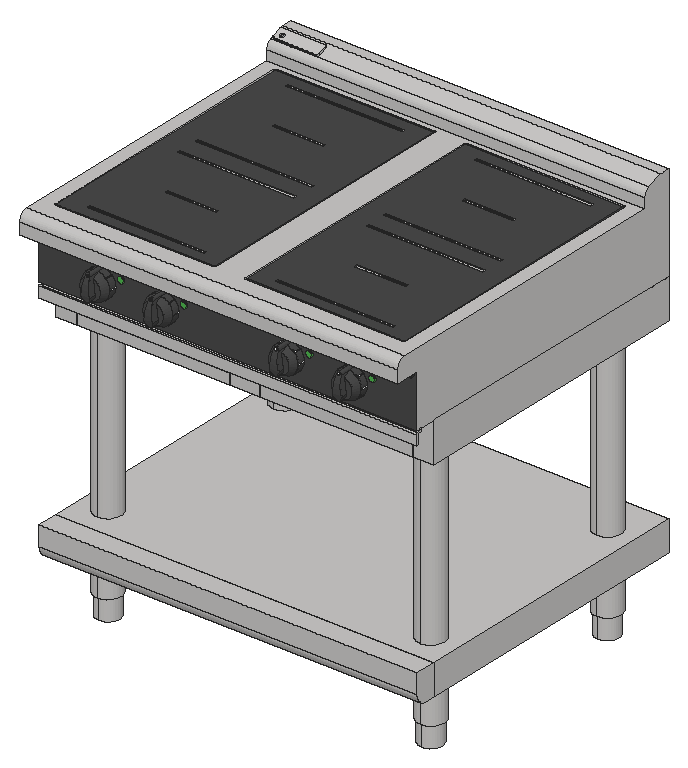
Revit family "QF_Moffat_INLB8400R5-LS_Induction_Cooktop_cat", category Specialty Equipment, Revit 2019
Family settings
  Round Connector Dimension = Use Diameter
  Part Type = Normal
  Work Plane-Based = No
  Always vertical = Yes
  Cut with Voids When Loaded = No
  Shared = No
  Room Calculation Point = No
Parameters (values of type "INLB8400R5-LS_415/60/3")
  Weight in Kilograms = 105
  Watts = 20000 W
  Volts = 415 V
  URL Cutsheet = ""
  Specification by User = ""
  Specification by Manufacturer = ""
  Show Logo [instance] = yes
  Serial Number = ""
  Seismic Rating = ""
  SMACNA No = ""
  Revision Code = ""
  Phase = 3
  Number of Poles = 1
  NAFEM Spec ID Number = ""
  Model = "INLB8400R5-LS"
  Min Ckt Ampacity = 0 A
  Max Overcurrent Protection = 0 A
  Masterspec = ""
  Manufacturer = "Moffat"
  Length = 900 mm
  Item Number = ""
  Installed By = ""
  Identify Quantity as Lot = yes
  Height = 970 mm
  HP = ""
  Furnished By = ""
  Foodservice Equipment Identifier = yes
  FL Amps = 28 A
  Electrical Remarks = ""
  Electric Connection Type = ""
  Elec Conn RI Height = 0 mm
  Elec Conn Connection Height = 0 mm
  Description = "Induction Cooktop"
  Depth = 805 mm
  Cycle = 60 Hz
  Conn Plug = ""
  Conn Conduit = yes
  CSI MasterFormat = ""
  Apparent Power = if(Phase = 3, Volts * FL Amps * 1.73, Volts * FL Amps)  # 20102.6 VA
Reference planes
  plane 1 "BACK": y = 0
  plane 2: z = 0
  plane 3 "LEFT": x = 0
  plane 4 "RIGHT": x = 900
  plane 5 "FRONT": y = -805
  plane 6 "TOP": z = 970
  plane 7 "Center Y": x = 450
  plane 8 "Center X": y = -402.5
  plane 9: x = 65.5
  plane 10: x = 834.5
  plane 11: y = -30
  plane 12: z = 150
  plane 13: y = -100
  plane 14: y = -625
  plane 15: y = -70
  plane 16: z = 915
  plane 17: x = 770
Forms (mm)
  Extrusion 1, solid, material "QF_Metal_Stainless_Polished"
    sketch origin (0, 0, 560) x (0, 1, 0) y (0, 0, 1)
      loop
        line (0, 180) -> (0, 410) -> (-24.305, 410) -> (-57.632, 395.853)
        arc (-57.632, 395.853) -> (-66.628, 388.372) -> (-70, 377.167) r 20.3
        line (-70, 377.167) -> (-70, 355) -> (-784.417, 355)
        arc (-784.417, 355) -> (-798.971, 348.971) -> (-805, 334.417) r 20.583
        line (-805, 334.417) -> (-805, 305) -> (-749, 305) -> (-749, 180) -> (0, 180)
    from 0 to 900
  Extrusion 2, void
    sketch origin (0, -784.171, 915) x (0, 1, 0) y (-1, 0, 0)
      loop
        arc (699.341, -37.323) -> (697.584, -33.08) -> (693.341, -31.323) r 6
        line (693.341, -31.323) -> (45.245, -31.323)
        arc (45.245, -31.323) -> (41.002, -33.08) -> (39.245, -37.323) r 6
        line (39.245, -37.323) -> (39.245, -410.105)
        arc (39.245, -410.105) -> (41.002, -414.347) -> (45.245, -416.105) r 6
        line (45.245, -416.105) -> (693.341, -416.105)
        arc (693.341, -416.105) -> (697.584, -414.347) -> (699.341, -410.105) r 6
        line (699.341, -410.105) -> (699.341, -37.323)
      loop
        line (699.341, -862.677) -> (699.341, -489.895)
        arc (699.341, -489.895) -> (697.584, -485.653) -> (693.341, -483.895) r 6
        line (693.341, -483.895) -> (45.245, -483.895)
        arc (45.245, -483.895) -> (41.002, -485.653) -> (39.245, -489.895) r 6
        line (39.245, -489.895) -> (39.245, -862.677)
        arc (39.245, -862.677) -> (41.002, -866.92) -> (45.245, -868.677) r 6
        line (45.245, -868.677) -> (693.341, -868.677)
        arc (693.341, -868.677) -> (697.584, -866.92) -> (699.341, -862.677) r 6
    from 0 to -9.5
  Extrusion 3, solid, material "QF_Plastic_Black_Smooth"
    sketch origin (0, -784.171, 915) x (0, 1, 0) y (-1, 0, 0)
      loop
        line (695.341, -410.105) -> (695.341, -37.323)
        arc (695.341, -37.323) -> (694.755, -35.908) -> (693.341, -35.323) r 2
        line (693.341, -35.323) -> (45.245, -35.323)
        arc (45.245, -35.323) -> (43.831, -35.908) -> (43.245, -37.323) r 2
        line (43.245, -37.323) -> (43.245, -410.105)
        arc (43.245, -410.105) -> (43.831, -411.519) -> (45.245, -412.105) r 2
        line (45.245, -412.105) -> (693.341, -412.105)
        arc (693.341, -412.105) -> (694.755, -411.519) -> (695.341, -410.105) r 2
      loop
        line (667.194, -86.598) -> (661.194, -86.598) -> (661.194, -363.75) -> (667.194, -363.75) -> (667.194, -86.598)
      loop
        line (526.611, -163.924) -> (526.611, -283.924) -> (532.611, -283.924) -> (532.611, -163.924) -> (526.611, -163.924)
      loop
        line (398.444, -86.598) -> (392.444, -86.598) -> (392.444, -363.75) -> (398.444, -363.75) -> (398.444, -86.598)
      loop
        line (345.944, -86.598) -> (339.944, -86.598) -> (339.944, -363.75) -> (345.944, -363.75) -> (345.944, -86.598)
      loop
        line (206.611, -163.924) -> (206.611, -283.924) -> (212.611, -283.924) -> (212.611, -163.924) -> (206.611, -163.924)
      loop
        line (77.194, -86.598) -> (71.194, -86.598) -> (71.194, -363.75) -> (77.194, -363.75) -> (77.194, -86.598)
      loop
        arc (695.341, -489.895) -> (694.755, -488.481) -> (693.341, -487.895) r 2
        line (693.341, -487.895) -> (45.245, -487.895)
        arc (45.245, -487.895) -> (43.831, -488.481) -> (43.245, -489.895) r 2
        line (43.245, -489.895) -> (43.245, -862.677)
        arc (43.245, -862.677) -> (43.831, -864.092) -> (45.245, -864.677) r 2
        line (45.245, -864.677) -> (693.341, -864.677)
        arc (693.341, -864.677) -> (694.755, -864.092) -> (695.341, -862.677) r 2
        line (695.341, -862.677) -> (695.341, -489.895)
      loop
        line (667.194, -813.402) -> (667.194, -536.25) -> (661.194, -536.25) -> (661.194, -813.402) -> (667.194, -813.402)
      loop
        line (526.611, -736.076) -> (532.611, -736.076) -> (532.611, -616.076) -> (526.611, -616.076) -> (526.611, -736.076)
      loop
        line (398.444, -813.402) -> (398.444, -536.25) -> (392.444, -536.25) -> (392.444, -813.402) -> (398.444, -813.402)
      loop
        line (345.944, -813.402) -> (345.944, -536.25) -> (339.944, -536.25) -> (339.944, -813.402) -> (345.944, -813.402)
      loop
        line (206.611, -736.076) -> (212.611, -736.076) -> (212.611, -616.076) -> (206.611, -616.076) -> (206.611, -736.076)
      loop
        line (77.194, -813.402) -> (77.194, -536.25) -> (71.194, -536.25) -> (71.194, -813.402) -> (77.194, -813.402)
    from 0 to -9.5
  Extrusion 4, solid, material "QF_Metal_Stainless_Polished"
    sketch origin (0, 0, 600) x (0, 1, 0) y (0, 0, 1)
      loop
        line (-739.467, 140) -> (-738.192, 134.838)
        arc (-738.192, 134.838) -> (-738.307, 134.302) -> (-738.799, 134.063) r 0.625
        line (-738.799, 134.063) -> (-746.111, 134.063)
        arc (-746.111, 134.063) -> (-748.011, 133.276) -> (-748.797, 131.377) r 2.686
        line (-748.797, 131.377) -> (-748.797, 107.627) -> (-747.197, 107.627) -> (-747.197, 131.242)
        arc (-747.197, 131.242) -> (-746.84, 132.105) -> (-745.976, 132.463) r 1.221
        line (-745.976, 132.463) -> (-738.755, 132.463)
        arc (-738.755, 132.463) -> (-737.028, 133.304) -> (-736.625, 135.182) r 2.194
        line (-736.625, 135.182) -> (-737.815, 140) -> (-739.467, 140)
    from 0 to 900
  Extrusion 5, solid, material "QF_Plastic_Black_Smooth"
    sketch origin (0, -749, 741.875) x (0, 0, 1) y (-1, 0, 0)
      loop
        circle (112.843, -13.157) r 5
      loop
        circle (112.843, -886.843) r 5
    from 0 to 1.6
  Extrusion 6, solid, material "QF_Metal_Stainless_Polished"
    sketch origin (450, -699, 645) x (0, 1, 0) y (1, 0, 0)
      loop
        circle (669, 320) r 6.35
    from 0 to 10
  Extrusion 7, solid, material "QF_Metal_Stainless_Polished"
    sketch origin (0, -699, 645) x (1, 0, 0) y (0, -1, 0)
      loop
        line (0, -699) -> (900, -699) -> (900, 0) -> (849.2, 0) -> (849.2, -25.4) -> (485.8, -25.4) -> (485.8, 0) -> (414.2, 0) -> (414.2, -25.4) -> (50.8, -25.4) -> (50.8, 0) -> (0, 0) -> (0, -699)
    from 0 to -95
  Extrusion 8, solid, material "QF_Metal_Stainless_Polished"
    sketch origin (50.8, -30, 645) x (0, 1, 0) y (0, 0, 1)
      loop
        line (-669, 0) -> (-643.6, 0) -> (-643.6, 26.45) -> (-669, 26.45) -> (-669, 0)
      loop
        line (-669, 32.45) -> (-643.6, 32.45) -> (-643.6, 66.4) -> (-669, 66.4) -> (-669, 32.45)
      loop
        line (-669, 67.4) -> (-643.6, 67.4) -> (-643.6, 95) -> (-669, 95) -> (-669, 67.4)
    from 0 to 363.4
  Extrusion 9, solid, material "QF_Metal_Stainless_Polished"
    sketch origin (900, 0, 560) x (-1, 0, 0) y (0, -1, 0)
      loop
        line (536.25, 122.976) -> (536.25, 116.976) -> (813.402, 116.976) -> (813.402, 122.976) -> (536.25, 122.976)
      loop
        line (736.076, 251.56) -> (736.076, 257.56) -> (616.076, 257.56) -> (616.076, 251.56) -> (736.076, 251.56)
      loop
        line (813.402, 385.726) -> (813.402, 391.726) -> (536.25, 391.726) -> (536.25, 385.726) -> (813.402, 385.726)
      loop
        line (813.402, 438.226) -> (813.402, 444.226) -> (536.25, 444.226) -> (536.25, 438.226) -> (813.402, 438.226)
      loop
        line (736.076, 571.56) -> (736.076, 577.56) -> (616.076, 577.56) -> (616.076, 571.56) -> (736.076, 571.56)
      loop
        line (536.25, 712.976) -> (536.25, 706.976) -> (813.402, 706.976) -> (813.402, 712.976) -> (536.25, 712.976)
      loop
        line (363.75, 122.976) -> (86.598, 122.976) -> (86.598, 116.976) -> (363.75, 116.976) -> (363.75, 122.976)
      loop
        line (163.924, 251.56) -> (283.924, 251.56) -> (283.924, 257.56) -> (163.924, 257.56) -> (163.924, 251.56)
      loop
        line (86.598, 385.726) -> (363.75, 385.726) -> (363.75, 391.726) -> (86.598, 391.726) -> (86.598, 385.726)
      loop
        line (86.598, 438.226) -> (363.75, 438.226) -> (363.75, 444.226) -> (86.598, 444.226) -> (86.598, 438.226)
      loop
        line (163.924, 571.56) -> (283.924, 571.56) -> (283.924, 577.56) -> (163.924, 577.56) -> (163.924, 571.56)
      loop
        line (363.75, 712.976) -> (86.598, 712.976) -> (86.598, 706.976) -> (363.75, 706.976) -> (363.75, 712.976)
    from 355 to 345.5
  Extrusion 10, solid, material "QF_Paint_Green"
    sketch origin (63.231, -748.999, 713.75) x (0, 0, 1) y (-1, 0, 0)
      loop
        circle (100.3, -282.5) r 7.15
    from 0 to 1.6
  Extrusion 11, solid, material "QF_Plastic_Black_Smooth"
    sketch origin (75, -748.999, 725.625) x (0, 0, 1) y (-1, 0, 0)
      loop
        circle (112.843, -225) r 5
    from 0 to 1.6
  Extrusion 12, solid, material "QF_Paint_Green"
    sketch origin (-86.769, -748.999, 713.75) x (0, 0, 1) y (-1, 0, 0)
      loop
        circle (100.3, -282.5) r 7.15
    from 0 to 1.6
  Extrusion 13, solid, material "QF_Plastic_Black_Smooth"
    sketch origin (-75, -748.999, 725.625) x (0, 0, 1) y (-1, 0, 0)
      loop
        circle (112.843, -225) r 5
    from 0 to 1.6
  Extrusion 14, solid, material "QF_Paint_Green"
    sketch origin (511.981, -748.999, 713.75) x (0, 0, 1) y (-1, 0, 0)
      loop
        circle (100.3, -282.5) r 7.15
    from 0 to 1.6
  Extrusion 15, solid, material "QF_Plastic_Black_Smooth"
    sketch origin (523.75, -748.999, 725.625) x (0, 0, 1) y (-1, 0, 0)
      loop
        circle (112.843, -225) r 5
    from 0 to 1.6
  Extrusion 16, solid, material "QF_Paint_Green"
    sketch origin (361.981, -748.999, 713.75) x (0, 0, 1) y (-1, 0, 0)
      loop
        circle (100.3, -282.5) r 7.15
    from 0 to 1.6
  Extrusion 17, solid, material "QF_Plastic_Black_Smooth"
    sketch origin (373.75, -748.999, 725.625) x (0, 0, 1) y (-1, 0, 0)
      loop
        circle (112.843, -225) r 5
    from 0 to 1.6
  Extrusion 18, solid, material "QF_Metal_Stainless_Polished"
    sketch origin (849.2, -30, 645) x (0, 1, 0) y (0, 0, -1)
      loop
        line (-669, 0) -> (-669, -26.45) -> (-643.6, -26.45) -> (-643.6, 0) -> (-669, 0)
      loop
        line (-669, -32.45) -> (-669, -66.4) -> (-643.6, -66.4) -> (-643.6, -32.45) -> (-669, -32.45)
      loop
        line (-669, -67.4) -> (-669, -95) -> (-643.6, -95) -> (-643.6, -67.4) -> (-669, -67.4)
    from 0 to 363.4
Cuts and joins
  Extrusion 2 cuts Extrusion 1
Lines and regions (mm)
  symbolic lines
    curve 1: line (0, 0, 0) -> (900, 0, 0)
    curve 2: line (0, -805, 0) -> (0, 0, 0)
    curve 3: line (900, -805, 0) -> (0, -805, 0)
    curve 4: line (900, 0, 0) -> (900, -805, 0)
    curve 5: line (0, -18.182, 0) -> (900, -18.182, 0)
    curve 6: line (0, -70, 0) -> (450, -70, 0)
    curve 7: line (37.323, -84.83, 0) -> (410.105, -84.83, 0)
    curve 8: arc (410.105, -84.83, 0) -> (414.347, -86.587, 0) -> (416.105, -90.83, 0) r 6
    curve 9: line (416.105, -90.83, 0) -> (416.105, -738.926, 0)
    curve 10: arc (416.105, -738.926, 0) -> (414.347, -743.168, 0) -> (410.105, -744.926, 0) r 6
    curve 11: line (410.105, -744.926, 0) -> (37.323, -744.926, 0)
    curve 12: arc (37.323, -744.926, 0) -> (33.08, -743.168, 0) -> (31.323, -738.926, 0) r 6
    curve 13: line (31.323, -738.926, 0) -> (31.323, -90.83, 0)
    curve 14: arc (31.323, -90.83, 0) -> (33.08, -86.587, 0) -> (37.323, -84.83, 0) r 6
    curve 15: line (410.105, -88.83, 0) -> (37.323, -88.83, 0)
    curve 16: arc (37.323, -88.83, 0) -> (35.908, -89.415, 0) -> (35.323, -90.83, 0) r 2
    curve 17: line (35.323, -90.83, 0) -> (35.323, -738.926, 0)
    curve 18: arc (35.323, -738.926, 0) -> (35.908, -740.34, 0) -> (37.323, -740.926, 0) r 2
    curve 19: line (37.323, -740.926, 0) -> (410.105, -740.926, 0)
    curve 20: arc (410.105, -740.926, 0) -> (411.519, -740.34, 0) -> (412.105, -738.926, 0) r 2
    curve 21: line (412.105, -738.926, 0) -> (412.105, -90.83, 0)
    curve 22: arc (412.105, -90.83, 0) -> (411.519, -89.415, 0) -> (410.105, -88.83, 0) r 2
    curve 23: line (416.105, -738.926, 0) -> (416.105, -90.83, 0)
    curve 24: line (412.105, -90.83, 0) -> (412.105, -738.926, 0)
    curve 25: line (862.677, -84.83, 0) -> (489.895, -84.83, 0)
    curve 26: arc (489.895, -84.83, 0) -> (485.653, -86.587, 0) -> (483.895, -90.83, 0) r 6
    curve 27: arc (483.895, -738.926, 0) -> (485.653, -743.168, 0) -> (489.895, -744.926, 0) r 6
    curve 28: line (489.895, -744.926, 0) -> (862.677, -744.926, 0)
    curve 29: arc (862.677, -744.926, 0) -> (866.92, -743.168, 0) -> (868.677, -738.926, 0) r 6
    curve 30: line (868.677, -738.926, 0) -> (868.677, -90.83, 0)
    curve 31: arc (868.677, -90.83, 0) -> (866.92, -86.587, 0) -> (862.677, -84.83, 0) r 6
    curve 32: line (489.895, -88.83, 0) -> (862.677, -88.83, 0)
    curve 33: arc (862.677, -88.83, 0) -> (864.092, -89.415, 0) -> (864.677, -90.83, 0) r 2
    curve 34: line (864.677, -90.83, 0) -> (864.677, -738.926, 0)
    curve 35: arc (864.677, -738.926, 0) -> (864.092, -740.34, 0) -> (862.677, -740.926, 0) r 2
    curve 36: line (862.677, -740.926, 0) -> (489.895, -740.926, 0)
    curve 37: arc (489.895, -740.926, 0) -> (488.481, -740.34, 0) -> (487.895, -738.926, 0) r 2
    curve 38: arc (487.895, -90.83, 0) -> (488.481, -89.415, 0) -> (489.895, -88.83, 0) r 2
    curve 39: line (487.895, -90.83, 0) -> (487.895, -738.926, 0)
    curve 40: arc (487.895, -738.926, 0) -> (488.481, -740.34, 0) -> (489.895, -740.926, 0) r 2
    curve 41: line (489.895, -740.926, 0) -> (862.677, -740.926, 0)
    curve 42: arc (862.677, -740.926, 0) -> (864.092, -740.34, 0) -> (864.677, -738.926, 0) r 2
    curve 43: line (864.677, -738.926, 0) -> (864.677, -90.83, 0)
    curve 44: arc (864.677, -90.83, 0) -> (864.092, -89.415, 0) -> (862.677, -88.83, 0) r 2
    curve 45: line (862.677, -88.83, 0) -> (489.895, -88.83, 0)
    curve 46: arc (489.895, -88.83, 0) -> (488.481, -89.415, 0) -> (487.895, -90.83, 0) r 2
    curve 47: line (483.895, -90.83, 0) -> (483.895, -738.926, 0)
    curve 48: arc (483.895, -738.926, 0) -> (485.653, -743.168, 0) -> (489.895, -744.926, 0) r 6
    curve 49: line (489.895, -744.926, 0) -> (862.677, -744.926, 0)
    curve 50: arc (862.677, -744.926, 0) -> (866.92, -743.168, 0) -> (868.677, -738.926, 0) r 6
    curve 51: line (868.677, -738.926, 0) -> (868.677, -90.83, 0)
    curve 52: arc (868.677, -90.83, 0) -> (866.92, -86.587, 0) -> (862.677, -84.83, 0) r 6
    curve 53: line (862.677, -84.83, 0) -> (489.895, -84.83, 0)
    curve 54: arc (489.895, -84.83, 0) -> (485.653, -86.587, 0) -> (483.895, -90.83, 0) r 6
    curve 55: line (86.598, -122.976, 0) -> (363.75, -122.976, 0)
    curve 56: line (363.75, -122.976, 0) -> (363.75, -116.976, 0)
    curve 57: line (363.75, -116.976, 0) -> (86.598, -116.976, 0)
    curve 58: line (86.598, -116.976, 0) -> (86.598, -122.976, 0)
    curve 59: line (283.924, -251.56, 0) -> (163.924, -251.56, 0)
    curve 60: line (163.924, -251.56, 0) -> (163.924, -257.56, 0)
    curve 61: line (163.924, -257.56, 0) -> (283.924, -257.56, 0)
    curve 62: line (283.924, -257.56, 0) -> (283.924, -251.56, 0)
    curve 63: line (536.25, -122.976, 0) -> (813.402, -122.976, 0)
    curve 64: line (813.402, -122.976, 0) -> (813.402, -116.976, 0)
    curve 65: line (813.402, -116.976, 0) -> (536.25, -116.976, 0)
    curve 66: line (536.25, -116.976, 0) -> (536.25, -122.976, 0)
    curve 67: line (736.076, -251.56, 0) -> (616.076, -251.56, 0)
    curve 68: line (616.076, -251.56, 0) -> (616.076, -257.56, 0)
    curve 69: line (616.076, -257.56, 0) -> (736.076, -257.56, 0)
    curve 70: line (736.076, -257.56, 0) -> (736.076, -251.56, 0)
    curve 71: line (736.076, -571.56, 0) -> (616.076, -571.56, 0)
    curve 72: line (616.076, -571.56, 0) -> (616.076, -577.56, 0)
    curve 73: line (616.076, -577.56, 0) -> (736.076, -577.56, 0)
    curve 74: line (736.076, -577.56, 0) -> (736.076, -571.56, 0)
    curve 75: line (813.402, -706.976, 0) -> (536.25, -706.976, 0)
    curve 76: line (536.25, -706.976, 0) -> (536.25, -712.976, 0)
    curve 77: line (536.25, -712.976, 0) -> (813.402, -712.976, 0)
    curve 78: line (813.402, -712.976, 0) -> (813.402, -706.976, 0)
    curve 79: line (86.598, -712.976, 0) -> (363.75, -712.976, 0)
    curve 80: line (363.75, -712.976, 0) -> (363.75, -706.976, 0)
    curve 81: line (363.75, -706.976, 0) -> (86.598, -706.976, 0)
    curve 82: line (86.598, -706.976, 0) -> (86.598, -712.976, 0)
    curve 83: line (283.924, -577.56, 0) -> (163.924, -577.56, 0)
    curve 84: line (163.924, -577.56, 0) -> (163.924, -571.56, 0)
    curve 85: line (163.924, -571.56, 0) -> (283.924, -571.56, 0)
    curve 86: line (283.924, -571.56, 0) -> (283.924, -577.56, 0)
    curve 87: line (86.598, -444.226, 0) -> (363.75, -444.226, 0)
    curve 88: line (363.75, -444.226, 0) -> (363.75, -438.226, 0)
    curve 89: line (363.75, -438.226, 0) -> (86.598, -438.226, 0)
    curve 90: line (86.598, -438.226, 0) -> (86.598, -444.226, 0)
    curve 91: line (86.598, -391.726, 0) -> (363.75, -391.726, 0)
    curve 92: line (363.75, -391.726, 0) -> (363.75, -385.726, 0)
    curve 93: line (363.75, -385.726, 0) -> (86.598, -385.726, 0)
    curve 94: line (86.598, -385.726, 0) -> (86.598, -391.726, 0)
    curve 95: line (0, 0, 560) -> (900, 0, 560)
    curve 96: line (0, -805, 560) -> (0, 0, 560)
    curve 97: line (900, -805, 560) -> (0, -805, 560)
    curve 98: line (900, 0, 560) -> (900, -805, 560)
    curve 99: line (0, -18.182, 560) -> (900, -18.182, 560)
    curve 100: line (0, -70, 560) -> (900, -70, 560)
    curve 101: line (416.105, -90.83, 560) -> (416.105, -738.926, 560)
    curve 102: line (412.105, -738.926, 560) -> (412.105, -90.83, 560)
    curve 103: line (416.105, -738.926, 560) -> (416.105, -90.83, 560)
    curve 104: line (412.105, -90.83, 560) -> (412.105, -738.926, 560)
    curve 105: line (862.677, -84.83, 560) -> (489.895, -84.83, 560)
    curve 106: arc (483.895, -738.926, 560) -> (485.653, -743.168, 560) -> (489.895, -744.926, 560) r 6
    curve 107: line (489.895, -744.926, 560) -> (862.677, -744.926, 560)
    curve 108: arc (862.677, -744.926, 560) -> (866.92, -743.168, 560) -> (868.677, -738.926, 560) r 6
    curve 109: arc (864.677, -738.926, 560) -> (864.092, -740.34, 560) -> (862.677, -740.926, 560) r 2
    curve 110: line (862.677, -740.926, 560) -> (489.895, -740.926, 560)
    curve 111: arc (489.895, -740.926, 560) -> (488.481, -740.34, 560) -> (487.895, -738.926, 560) r 2
    curve 112: arc (487.895, -738.926, 560) -> (488.481, -740.34, 560) -> (489.895, -740.926, 560) r 2
    curve 113: line (489.895, -740.926, 560) -> (862.677, -740.926, 560)
    curve 114: arc (862.677, -740.926, 560) -> (864.092, -740.34, 560) -> (864.677, -738.926, 560) r 2
    curve 115: arc (483.895, -738.926, 560) -> (485.653, -743.168, 560) -> (489.895, -744.926, 560) r 6
    curve 116: line (489.895, -744.926, 560) -> (862.677, -744.926, 560)
    curve 117: arc (862.677, -744.926, 560) -> (866.92, -743.168, 560) -> (868.677, -738.926, 560) r 6
    curve 118: line (86.598, -122.976, 560) -> (363.75, -122.976, 560)
    curve 119: line (363.75, -122.976, 560) -> (363.75, -116.976, 560)
    curve 120: line (363.75, -116.976, 560) -> (86.598, -116.976, 560)
    curve 121: line (86.598, -116.976, 560) -> (86.598, -122.976, 560)
    curve 122: line (283.924, -251.56, 560) -> (163.924, -251.56, 560)
    curve 123: line (163.924, -251.56, 560) -> (163.924, -257.56, 560)
    curve 124: line (163.924, -257.56, 560) -> (283.924, -257.56, 560)
    curve 125: line (283.924, -257.56, 560) -> (283.924, -251.56, 560)
    curve 126: line (536.25, -122.976, 560) -> (813.402, -122.976, 560)
    curve 127: line (813.402, -122.976, 560) -> (813.402, -116.976, 560)
    curve 128: line (813.402, -116.976, 560) -> (536.25, -116.976, 560)
    curve 129: line (536.25, -116.976, 560) -> (536.25, -122.976, 560)
    curve 130: line (736.076, -251.56, 560) -> (616.076, -251.56, 560)
    curve 131: line (616.076, -251.56, 560) -> (616.076, -257.56, 560)
    curve 132: line (616.076, -257.56, 560) -> (736.076, -257.56, 560)
    curve 133: line (736.076, -257.56, 560) -> (736.076, -251.56, 560)
    curve 134: line (736.076, -571.56, 560) -> (616.076, -571.56, 560)
    curve 135: line (616.076, -571.56, 560) -> (616.076, -577.56, 560)
    curve 136: line (616.076, -577.56, 560) -> (736.076, -577.56, 560)
    curve 137: line (736.076, -577.56, 560) -> (736.076, -571.56, 560)
    curve 138: line (813.402, -706.976, 560) -> (536.25, -706.976, 560)
    curve 139: line (536.25, -706.976, 560) -> (536.25, -712.976, 560)
    curve 140: line (536.25, -712.976, 560) -> (813.402, -712.976, 560)
    curve 141: line (813.402, -712.976, 560) -> (813.402, -706.976, 560)
    curve 142: line (86.598, -712.976, 560) -> (363.75, -712.976, 560)
    curve 143: line (363.75, -712.976, 560) -> (363.75, -706.976, 560)
    curve 144: line (363.75, -706.976, 560) -> (86.598, -706.976, 560)
    curve 145: line (86.598, -706.976, 560) -> (86.598, -712.976, 560)
    curve 146: line (283.924, -577.56, 560) -> (163.924, -577.56, 560)
    curve 147: line (163.924, -577.56, 560) -> (163.924, -571.56, 560)
    curve 148: line (163.924, -571.56, 560) -> (283.924, -571.56, 560)
    curve 149: line (283.924, -571.56, 560) -> (283.924, -577.56, 560)
    curve 150: line (86.598, -444.226, 560) -> (363.75, -444.226, 560)
    curve 151: line (363.75, -444.226, 560) -> (363.75, -438.226, 560)
    curve 152: line (363.75, -438.226, 560) -> (86.598, -438.226, 560)
    curve 153: line (86.598, -438.226, 560) -> (86.598, -444.226, 560)
    curve 154: line (86.598, -391.726, 560) -> (363.75, -391.726, 560)
    curve 155: line (363.75, -391.726, 560) -> (363.75, -385.726, 560)
    curve 156: line (363.75, -385.726, 560) -> (86.598, -385.726, 560)
    curve 157: line (86.598, -385.726, 560) -> (86.598, -391.726, 560)
    curve 158: line (813.402, -444.226, 560) -> (536.25, -444.226, 560)
    curve 159: line (536.25, -444.226, 560) -> (536.25, -438.226, 560)
    curve 160: line (536.25, -438.226, 560) -> (813.402, -438.226, 560)
    curve 161: line (813.402, -438.226, 560) -> (813.402, -444.226, 560)
    curve 162: line (813.402, -391.726, 560) -> (536.25, -391.726, 560)
    curve 163: line (536.25, -391.726, 560) -> (536.25, -385.726, 560)
    curve 164: line (536.25, -385.726, 560) -> (813.402, -385.726, 560)
    curve 165: line (813.402, -385.726, 560) -> (813.402, -391.726, 560)
Dimensions and locks
  equal spacing: plane 3 "LEFT", plane 7 "Center Y", plane 4 "RIGHT"
  "Length": plane 3 "LEFT" to plane 4 "RIGHT"
  equal spacing: plane 5 "FRONT", plane 8 "Center X", plane 1 "BACK"
  "Depth": plane 5 "FRONT" to plane 1 "BACK"
  "Height": plane 6 "TOP" to level
  plane 9 to plane 10 = 769 mm
  plane 4 "RIGHT" to plane 3 "LEFT" = 900 mm
  plane 6 "TOP" to plane 2 = 970 mm
  plane 1 "BACK" to plane 11 = 30 mm
  plane 1 "BACK" to plane 13 to plane 14 = 100 mm, 525 mm
  plane 1 "BACK" to plane 15 = 70 mm
  plane 16 to level = 915 mm  (x2)
  level to plane 12 = 150 mm
  plane 12 to level = 150 mm
  plane 4 "RIGHT" to plane 17 = 130 mm
  plane 1 "BACK" to plane 5 "FRONT" = 805 mm
  locked: plane 10 to plane 4 "RIGHT" at 65.5
  aligned and locked: level to plane 2
  aligned and locked: plane 7 "Center Y" to nested 1
  aligned and locked: plane 8 "Center X" to nested 1
  aligned and locked: Extrusion 18 to Extrusion 7  (x2)
Automatic sketch dimensions
  Extrusion 2 sketch curve to Extrusion 1 = 39.492 mm  (x2)
  Extrusion 2 sketch curve to Extrusion 2 sketch curve = 6 mm  (x6)
  Extrusion 1 to Extrusion 2 sketch curve = 20.83 mm  (x4)
  Extrusion 1 to Extrusion 2 sketch curve = 31.323 mm
  Extrusion 2 sketch curve to Extrusion 2 sketch curve = 372.782 mm
  Extrusion 2 sketch curve to Extrusion 2 sketch curve = 67.791 mm
  Extrusion 1 to Extrusion 2 sketch curve = 37.323 mm
  Extrusion 4 sketch curve to plane 5 "FRONT" = 56.203 mm
  Extrusion 4 sketch curve to Extrusion 4 sketch curve = 1.6 mm
  Extrusion 4 sketch curve to Extrusion 4 sketch curve = 1.086 mm
  Extrusion 4 sketch curve to Extrusion 4 sketch curve = 0.135 mm  (x2)
  Extrusion 4 sketch curve to Extrusion 4 sketch curve = 6.644 mm
  Extrusion 4 sketch curve to Extrusion 4 sketch curve = 0.668 mm
  Extrusion 4 sketch curve to Extrusion 4 sketch curve = 0.044 mm
  Extrusion 4 sketch curve to Extrusion 4 sketch curve = 0.563 mm
  Extrusion 4 sketch curve to Extrusion 4 sketch curve = 1.652 mm
  Extrusion 4 sketch curve to Extrusion 4 sketch curve = 1.567 mm
  Extrusion 4 sketch curve to plane 16 = 207.373 mm
  Extrusion 4 sketch curve to Extrusion 4 sketch curve = 23.614 mm
  Extrusion 4 sketch curve to Extrusion 4 sketch curve = 0.594 mm
  Extrusion 4 sketch curve to Extrusion 4 sketch curve = 0.032 mm
  Extrusion 4 sketch curve to Extrusion 4 sketch curve = 5.162 mm
  Extrusion 1 to Extrusion 5 sketch curve = 10.282 mm  (x2)
  Extrusion 1 to Extrusion 5 sketch curve = 13.157 mm  (x2)
  Extrusion 12 sketch curve to plane 16 = 100.95 mm
  Extrusion 12 sketch curve to plane 9 = 130.231 mm
  Extrusion 13 sketch curve to plane 16 = 76.532 mm
  Extrusion 13 sketch curve to plane 9 = 84.5 mm
  plane 17 to Extrusion 14 sketch curve = 24.481 mm
  Extrusion 14 sketch curve to plane 16 = 100.95 mm
  Extrusion 15 sketch curve to plane 17 = 21.25 mm
  Extrusion 15 sketch curve to plane 16 = 76.532 mm
  Extrusion 16 sketch curve to plane 16 = 100.95 mm
  Extrusion 16 sketch curve to plane 17 = 125.519 mm
  plane 14 to Extrusion 18 sketch curve = 74 mm
  Extrusion 18 sketch curve to Extrusion 18 sketch curve = 0 mm  (x4)
  Extrusion 18 sketch curve to Extrusion 18 sketch curve = 25.4 mm
  Extrusion 18 sketch curve to plane 16 = 175 mm
  Extrusion 18 sketch curve to Extrusion 18 sketch curve = 27.6 mm
  Extrusion 18 sketch curve to Extrusion 18 sketch curve = 1 mm
  Extrusion 18 sketch curve to Extrusion 18 sketch curve = 33.95 mm
  Extrusion 18 sketch curve to Extrusion 18 sketch curve = 6 mm
  Extrusion 18 sketch curve to Extrusion 18 sketch curve = 26.45 mm
  Extrusion 3 sketch curve to Extrusion 1 = 43.492 mm  (x2)
  Extrusion 3 sketch curve to Extrusion 3 sketch curve = 2 mm  (x6)
  Extrusion 3 sketch curve to Extrusion 3 sketch curve = 25.949 mm  (x2)
  Extrusion 3 sketch curve to Extrusion 3 sketch curve = 6 mm  (x12)
  Extrusion 3 sketch curve to Extrusion 3 sketch curve = 129.416 mm  (x2)
  Extrusion 3 sketch curve to Extrusion 3 sketch curve = 127.334 mm  (x2)
  Extrusion 3 sketch curve to Extrusion 3 sketch curve = 46.5 mm  (x2)
  Extrusion 3 sketch curve to Extrusion 3 sketch curve = 128.166 mm  (x2)
  Extrusion 1 to Extrusion 3 sketch curve = 52.976 mm  (x2)
  Extrusion 1 to Extrusion 3 sketch curve = 20.83 mm  (x4)
  Extrusion 1 to Extrusion 3 sketch curve = 35.323 mm
  Extrusion 3 sketch curve to Extrusion 3 sketch curve = 49.275 mm  (x2)
  Extrusion 1 to Extrusion 3 sketch curve = 86.598 mm  (x4)
  Extrusion 3 sketch curve to Extrusion 3 sketch curve = 0 mm  (x4)
  Extrusion 3 sketch curve to Extrusion 3 sketch curve = 77.326 mm  (x2)
  Extrusion 3 sketch curve to Extrusion 3 sketch curve = 120 mm  (x4)
  Extrusion 3 sketch curve to Extrusion 3 sketch curve = 79.826 mm  (x5)
  Extrusion 3 sketch curve to Extrusion 3 sketch curve = 46.355 mm  (x3)
  Extrusion 3 sketch curve to Extrusion 3 sketch curve = 75.791 mm
  Extrusion 3 sketch curve to Extrusion 3 sketch curve = 172.5 mm
  Extrusion 1 to Extrusion 3 sketch curve = 37.323 mm
  Extrusion 1 sketch curve to plane 5 "FRONT" = 0 mm
  Extrusion 1 sketch curve to plane 16 = 0 mm
  Extrusion 1 sketch curve to plane 15 = 0 mm
  Extrusion 1 sketch curve to plane 6 "TOP" = 0 mm
  Extrusion 1 sketch curve to plane 1 "BACK" = 0 mm
  Extrusion 1 sketch curve to Extrusion 1 sketch curve = 20.583 mm
  Extrusion 1 sketch curve to Extrusion 1 sketch curve = 35.417 mm
  Extrusion 1 sketch curve to plane 15 = 12.368 mm
  plane 11 to Extrusion 1 sketch curve = 19.7 mm
  Extrusion 1 sketch curve to plane 11 = 5.695 mm
  Extrusion 1 sketch curve to Extrusion 1 sketch curve = 29.417 mm
  Extrusion 1 sketch curve to plane 16 = 175 mm
  plane 16 to Extrusion 1 sketch curve = 22.167 mm
  curve 8 to curve 22 = 0 mm  (x2)
  curve 10 to curve 20 = 0 mm  (x2)
  curve 12 to curve 18 = 0 mm  (x2)
  curve 14 to curve 16 = 0 mm  (x2)
  curve 26 to curve 38 = 0 mm  (x2)
  curve 26 to curve 46 = 0 mm  (x2)
  curve 26 to curve 54 = 0 mm  (x2)
  curve 27 to curve 37 = 0 mm  (x2)
  curve 27 to curve 40 = 0 mm  (x2)
  curve 27 to curve 48 = 0 mm  (x2)
  curve 29 to curve 35 = 0 mm  (x2)
  curve 29 to curve 42 = 0 mm  (x2)
  curve 29 to curve 50 = 0 mm  (x2)
  curve 31 to curve 33 = 0 mm  (x2)
  curve 31 to curve 44 = 0 mm  (x2)
  curve 31 to curve 52 = 0 mm  (x2)
  curve 33 to curve 44 = 0 mm  (x2)
  curve 33 to curve 52 = 0 mm  (x2)
  curve 35 to curve 42 = 0 mm  (x2)
  curve 35 to curve 50 = 0 mm  (x2)
  curve 37 to curve 40 = 0 mm  (x2)
  curve 37 to curve 48 = 0 mm  (x2)
  curve 38 to curve 46 = 0 mm  (x2)
  curve 38 to curve 54 = 0 mm  (x2)
  curve 40 to curve 48 = 0 mm  (x2)
  curve 42 to curve 50 = 0 mm  (x2)
  curve 44 to curve 52 = 0 mm  (x2)
  curve 46 to curve 54 = 0 mm  (x2)
  plane 1 "BACK" to curve 1 = 0 mm
  curve 1 to plane 3 "LEFT" = 0 mm
  curve 6 to plane 7 "Center Y" = 0 mm
  curve 5 to plane 4 "RIGHT" = 0 mm
  plane 5 "FRONT" to curve 3 = 0 mm
  plane 15 to curve 6 = 0 mm
  plane 3 "LEFT" to curve 13 = 31.323 mm
  curve 13 to curve 17 = 4 mm
  curve 16 to curve 16 = 2 mm
  curve 17 to curve 18 = 2 mm
  curve 94 to plane 9 = 21.098 mm
  curve 57 to plane 9 = 21.098 mm
  curve 79 to plane 9 = 21.098 mm
  curve 87 to plane 9 = 21.098 mm
  curve 83 to plane 14 = 47.44 mm
  curve 83 to plane 9 = 98.424 mm
  curve 59 to plane 9 = 98.424 mm
  curve 60 to curve 61 = 120 mm
  curve 85 to plane 14 = 53.44 mm
  curve 84 to curve 85 = 120 mm
  curve 79 to plane 7 "Center Y" = 86.25 mm
  curve 88 to plane 8 "Center X" = 41.726 mm
  curve 88 to plane 7 "Center Y" = 86.25 mm
  plane 13 to curve 57 = 16.976 mm
  curve 57 to plane 7 "Center Y" = 86.25 mm
  plane 8 "Center X" to curve 93 = 16.774 mm
  curve 93 to curve 88 = 0 mm
  curve 10 to plane 7 "Center Y" = 39.895 mm
  curve 22 to plane 13 = 9.17 mm
  curve 22 to plane 7 "Center Y" = 39.895 mm
  curve 10 to curve 21 = 2 mm
  plane 7 "Center Y" to curve 47 = 33.895 mm
  curve 54 to curve 39 = 4 mm
  curve 38 to curve 45 = 2 mm
  curve 37 to curve 40 = 2 mm
  curve 27 to curve 77 = 46.355 mm
  plane 13 to curve 65 = 16.976 mm
  curve 38 to curve 65 = 46.355 mm
  curve 72 to plane 14 = 53.44 mm
  curve 72 to plane 17 = 153.924 mm
  curve 63 to curve 68 = 79.826 mm
  curve 70 to plane 17 = 33.924 mm
  curve 73 to plane 17 = 33.924 mm
  plane 10 to curve 65 = 21.098 mm
  plane 10 to curve 78 = 21.098 mm
  curve 33 to plane 13 = 9.17 mm
  curve 33 to plane 10 = 28.177 mm
  curve 50 to plane 10 = 28.177 mm
  curve 31 to curve 34 = 2 mm
  curve 28 to plane 5 "FRONT" = 60.074 mm
  curve 11 to plane 5 "FRONT" = 60.074 mm
  curve 29 to curve 77 = 25.949 mm
  curve 10 to curve 80 = 25.949 mm
  curve 79 to curve 82 = 6 mm
  curve 77 to curve 75 = 6 mm
  curve 73 to curve 71 = 6 mm
  curve 87 to curve 90 = 6 mm
  curve 92 to curve 92 = 6 mm
  plane 8 "Center X" to curve 68 = 144.94 mm
  plane 8 "Center X" to curve 61 = 144.94 mm
  curve 69 to curve 67 = 6 mm
  curve 61 to curve 62 = 6 mm
  curve 64 to curve 64 = 6 mm
  curve 55 to curve 57 = 6 mm
  curve 5 to plane 11 = 11.818 mm
  plane 8 "Center X" to curve 164 = 16.774 mm
  plane 7 "Center Y" to curve 164 = 86.25 mm
  curve 158 to curve 162 = 0 mm
  plane 10 to curve 161 = 21.098 mm
  plane 10 to curve 162 = 21.098 mm
  curve 165 to curve 164 = 6 mm
  curve 159 to plane 8 "Center X" = 35.726 mm
  curve 158 to curve 160 = 6 mm
  Extrusion 7 to Extrusion 6 sketch curve = 30 mm
  Extrusion 6 sketch curve to Extrusion 7 = 79.2 mm
  Extrusion 7 sketch curve to plane 3 "LEFT" = 0 mm
  Extrusion 7 sketch curve to plane 4 "RIGHT" = 0 mm
  plane 1 "BACK" to Extrusion 7 sketch curve = 0 mm
  plane 9 to Extrusion 7 sketch curve = 14.7 mm
  Extrusion 7 sketch curve to plane 7 "Center Y" = 35.8 mm
  plane 7 "Center Y" to Extrusion 7 sketch curve = 35.8 mm
  Extrusion 7 sketch curve to plane 10 = 14.7 mm
  plane 14 to Extrusion 7 sketch curve = 48.6 mm  (x2)
  Extrusion 7 sketch curve to Extrusion 7 sketch curve = 25.4 mm  (x3)
  Extrusion 8 sketch curve to Extrusion 7 = 0 mm  (x8)
  Extrusion 7 to Extrusion 8 sketch curve = 26.45 mm
  Extrusion 8 sketch curve to Extrusion 8 sketch curve = 6 mm
  Extrusion 7 to Extrusion 8 sketch curve = 28.6 mm
  Extrusion 8 sketch curve to Extrusion 8 sketch curve = 1 mm
  Extrusion 9 sketch curve to plane 10 = 21.098 mm  (x4)
  plane 17 to Extrusion 9 sketch curve = 33.924 mm  (x2)
  plane 14 to Extrusion 9 sketch curve = 47.44 mm
  Extrusion 9 sketch curve to Extrusion 9 sketch curve = 120 mm  (x2)
  plane 8 "Center X" to Extrusion 9 sketch curve = 41.726 mm  (x2)
  Extrusion 9 sketch curve to plane 7 "Center Y" = 86.25 mm  (x3)
  Extrusion 9 sketch curve to plane 8 "Center X" = 16.774 mm  (x2)
  Extrusion 9 sketch curve to Extrusion 9 sketch curve = 0 mm  (x2)
  Extrusion 9 sketch curve to plane 13 = 22.976 mm
  plane 7 "Center Y" to Extrusion 9 sketch curve = 86.25 mm  (x3)
  Extrusion 9 sketch curve to plane 13 = 16.976 mm
  plane 14 to Extrusion 9 sketch curve = 53.44 mm
  Extrusion 9 sketch curve to Extrusion 9 sketch curve = 79.826 mm  (x2)
  plane 9 to Extrusion 9 sketch curve = 98.424 mm  (x2)
  plane 9 to Extrusion 9 sketch curve = 21.098 mm  (x4)
  Extrusion 9 sketch curve to plane 14 = 81.976 mm  (x2)
  Extrusion 9 sketch curve to Extrusion 9 sketch curve = 6 mm  (x12)
  Extrusion 9 sketch curve to plane 8 "Center X" = 144.94 mm  (x2)
  Extrusion 10 sketch curve to plane 16 = 100.95 mm
  Extrusion 10 sketch curve to plane 7 "Center Y" = 104.269 mm
  Extrusion 11 sketch curve to plane 16 = 76.532 mm
  Extrusion 11 sketch curve to plane 7 "Center Y" = 150 mm
  Extrusion 17 sketch curve to plane 16 = 76.532 mm
  plane 7 "Center Y" to Extrusion 17 sketch curve = 148.75 mm
  curve 106 to curve 111 = 0 mm  (x2)
  curve 106 to curve 112 = 0 mm  (x2)
  curve 106 to curve 115 = 0 mm  (x2)
  curve 108 to curve 109 = 0 mm  (x2)
  curve 108 to curve 114 = 0 mm  (x2)
  curve 108 to curve 117 = 0 mm  (x2)
  curve 109 to curve 114 = 0 mm  (x2)
  curve 109 to curve 117 = 0 mm  (x2)
  curve 111 to curve 112 = 0 mm  (x2)
  curve 111 to curve 115 = 0 mm  (x2)
  curve 112 to curve 115 = 0 mm  (x2)
  curve 114 to curve 117 = 0 mm  (x2)
  plane 1 "BACK" to curve 95 = 0 mm
  curve 95 to plane 3 "LEFT" = 0 mm
  curve 98 to plane 4 "RIGHT" = 0 mm
  curve 100 to plane 4 "RIGHT" = 0 mm
  plane 5 "FRONT" to curve 97 = 0 mm
  plane 15 to curve 100 = 0 mm
  curve 153 to plane 9 = 21.098 mm
  curve 157 to plane 9 = 21.098 mm
  curve 145 to plane 9 = 21.098 mm
  curve 121 to plane 9 = 21.098 mm
  curve 148 to plane 9 = 98.424 mm
  curve 124 to plane 9 = 98.424 mm
  curve 123 to curve 125 = 120 mm
  curve 146 to plane 14 = 47.44 mm
  curve 146 to curve 146 = 120 mm
  plane 13 to curve 120 = 16.976 mm
  curve 120 to plane 7 "Center Y" = 86.25 mm
  curve 142 to plane 7 "Center Y" = 86.25 mm
  curve 152 to plane 8 "Center X" = 35.726 mm
  curve 152 to plane 7 "Center Y" = 86.25 mm
  plane 8 "Center X" to curve 154 = 10.774 mm
  curve 154 to curve 151 = 0 mm
  curve 104 to plane 7 "Center Y" = 37.895 mm
  curve 102 to curve 101 = 4 mm
  plane 7 "Center Y" to curve 107 = 39.895 mm
  plane 13 to curve 129 = 22.976 mm
  plane 7 "Center Y" to curve 129 = 86.25 mm
  curve 111 to curve 138 = 46.355 mm
  curve 135 to plane 14 = 53.44 mm
  curve 135 to plane 17 = 153.924 mm
  curve 126 to curve 130 = 79.826 mm
  curve 137 to plane 17 = 33.924 mm
  curve 133 to plane 17 = 33.924 mm
  plane 10 to curve 141 = 21.098 mm
  plane 10 to curve 128 = 21.098 mm
  curve 109 to plane 10 = 28.177 mm
  curve 116 to plane 5 "FRONT" = 60.074 mm
  curve 106 to curve 110 = 4 mm
  curve 110 to curve 117 = 2 mm
  curve 110 to curve 106 = 2 mm
  curve 104 to plane 5 "FRONT" = 66.074 mm
  curve 102 to curve 103 = 0 mm  (x2)
  curve 108 to curve 140 = 25.949 mm
  curve 102 to curve 143 = 25.949 mm
  curve 139 to curve 138 = 6 mm
  curve 142 to curve 144 = 6 mm
  curve 136 to curve 134 = 6 mm
  curve 146 to curve 148 = 6 mm
  curve 151 to curve 151 = 6 mm
  curve 154 to curve 157 = 6 mm
  plane 8 "Center X" to curve 132 = 144.94 mm
  plane 8 "Center X" to curve 125 = 144.94 mm
  curve 132 to curve 133 = 6 mm
  curve 124 to curve 122 = 6 mm
  curve 121 to curve 120 = 6 mm
  curve 126 to curve 128 = 6 mm
  curve 102 to plane 13 = 9.17 mm
  plane 15 to curve 105 = 14.83 mm
  plane 7 "Center Y" to curve 105 = 39.895 mm
  curve 105 to plane 10 = 28.177 mm
  curve 99 to plane 11 = 11.818 mm
  radius of Extrusion 5 sketch curve = 5 mm  (x2)
  radius of Extrusion 12 sketch curve = 7.15 mm
  radius of Extrusion 13 sketch curve = 5 mm
  radius of Extrusion 14 sketch curve = 7.15 mm
  radius of Extrusion 15 sketch curve = 5 mm
  radius of Extrusion 16 sketch curve = 7.15 mm
  radius of Extrusion 6 sketch curve = 6.35 mm
  radius of Extrusion 10 sketch curve = 7.15 mm
  radius of Extrusion 11 sketch curve = 5 mm
  radius of Extrusion 17 sketch curve = 5 mm
Nested families
  nested 1: "IN8400-LS_Leg Stand" at (0, 0, 0), type "IN511F-LS"
  nested 2: "Knob" at (267.5, -739.499, 760.75), type "Knob"
  nested 3: "Knob" at (117.5, -739.499, 760.75), type "Knob"
  nested 4: "Knob" at (716.25, -739.499, 760.75), type "Knob"
  nested 5: "Knob" at (566.25, -739.499, 760.75), type "Knob"
  nested 6: "QF_LOGO_Waldorf1" at (2, -55.308, 956.84), visible <- "Show Logo", type "QF_LOGO_Waldorf 2"
Connectors
  electrical at (770, -30, 635), driven by "Volts", driven by "Watts"
    settings: on Extrusion 6, index 5, voltage 415 V, apparent load 20000 VA, apparent load phase1 0 VA, apparent load phase2 0 VA, apparent load phase3 0 VA, power factor 1, load classification "Other", number of poles 1, system type 30, power factor state 1, is connector primary yes, connector utility no, sub classification motor no, connector description "ELEECTRICAL CONNECTION"
Definition of nested family "IN8400-LS_Leg Stand"
  Parameters (values of type "IN511F-LS")
    Model = ""
    Manufacturer = ""
    Description = ""
  Reference planes
    plane 1 "BACK": y = 0
    plane 2: z = 0
    plane 3 "LEFT": x = 0
    plane 4 "RIGHT": x = 900
    plane 5 "FRONT": y = -805
    plane 6 "TOP": z = 1130
    plane 7 "Center Y": x = 450
    plane 8 "Center X": y = -402.5
    plane 9: x = 65.5
    plane 10: x = 834.5
    plane 11: z = 635
    plane 12: y = -100
    plane 13: y = -625
    plane 14: z = 150
    plane 15: z = 645
  Forms (mm)
    Revolve 1, solid
      sketch origin (65.5, -4572, 255.2) x (0, 0, -1) y (0, -1, 0)
        loop
          line (255.2, -3974.5) -> (255.2, -3947) -> (-389.8, -3947) -> (-389.8, -3978.75) -> (205.2, -3978.75) -> (205.2, -3974.5) -> (255.2, -3974.5)
        axis (-389.8, -3947) -> (255.2, -3947)
      angle from 0 to 360
    Revolve 2, solid
      sketch origin (834.5, -4572, 255.2) x (0, 0, -1) y (0, 1, 0)
        loop
          line (255.2, 3974.5) -> (205.2, 3974.5) -> (205.2, 3978.75) -> (-389.8, 3978.75) -> (-389.8, 3947) -> (255.2, 3947) -> (255.2, 3974.5)
        axis (-389.8, 3947) -> (255.2, 3947)
      angle from 0 to 360
    Extrusion 3, solid
      sketch origin (0, 0, 0) x (0, 1, 0) y (0, 0, 1)
        loop
          line (-747.95, 222.5) -> (-747.95, 175)
          arc (-747.95, 175) -> (-740.628, 157.322) -> (-722.95, 150) r 25
          line (-722.95, 150) -> (-697.95, 150) -> (-697.95, 222.5) -> (-747.95, 222.5)
      from 0 to 900
    Extrusion 4, solid
      sketch origin (0, 0, 0) x (0, 1, 0) y (0, 0, 1)
        loop
          line (-697.95, 222.5) -> (-697.95, 150) -> (0, 150) -> (0, 222.5) -> (-697.95, 222.5)
      from 0 to 900
    Revolve 5, solid
      sketch origin (65.5, -4047, 255.2) x (0, 0, -1) y (0, -1, 0)
        loop
          line (255.2, -3974.5) -> (255.2, -3947) -> (-389.8, -3947) -> (-389.8, -3978.75) -> (205.2, -3978.75) -> (205.2, -3974.5) -> (255.2, -3974.5)
        axis (-389.8, -3947) -> (255.2, -3947)
      angle from 0 to 360
    Revolve 6, solid
      sketch origin (834.5, -4047, 255.2) x (0, 0, -1) y (0, 1, 0)
        loop
          line (255.2, 3974.5) -> (205.2, 3974.5) -> (205.2, 3978.75) -> (-389.8, 3978.75) -> (-389.8, 3947) -> (255.2, 3947) -> (255.2, 3974.5)
        axis (-389.8, 3947) -> (255.2, 3947)
      angle from 0 to 360
  Cuts and joins
    joined: Revolve 1, Revolve 2, Extrusion 4, Revolve 5, Revolve 6
  Dimensions and locks
    equal spacing: plane 3 "LEFT", plane 7 "Center Y", plane 4 "RIGHT"
    plane 3 "LEFT" to plane 4 "RIGHT" = 900 mm
    equal spacing: plane 5 "FRONT", plane 8 "Center X", plane 1 "BACK"
    plane 5 "FRONT" to plane 1 "BACK" = 805 mm
    plane 6 "TOP" to level = 1130 mm
    plane 9 to plane 10 = 769 mm
    plane 4 "RIGHT" to plane 3 "LEFT" = 900 mm
    plane 1 "BACK" to plane 5 "FRONT" = 805 mm
    plane 6 "TOP" to plane 2 = 1130 mm
    plane 1 "BACK" to plane 12 to plane 13 = 100 mm, 525 mm
    plane 2 to plane 11 = 635 mm
    plane 14 to plane 2 = 150 mm
    plane 10 to plane 4 "RIGHT" = 65.5 mm
    equal spacing: plane 4 "RIGHT", plane 7 "Center Y", plane 3 "LEFT"
    locked: plane 10 to plane 4 "RIGHT" at 65.5
    aligned and locked: level to plane 2
    aligned and locked: cut or joined group of Revolve 1, Revolve 2, Extrusion 4, Revolve 5, Revolve 6 to plane 15  (x2)
    aligned and locked: plane 15 to cut or joined group of Revolve 1, Revolve 2, Extrusion 4, Revolve 5, Revolve 6  (x2)
    aligned and locked: Extrusion 3 to plane 4 "RIGHT"
    aligned and locked: cut or joined group of Revolve 1, Revolve 2, Extrusion 4, Revolve 5, Revolve 6 to plane 4 "RIGHT"
    aligned and locked: plane 10 to cut or joined group of Revolve 1, Revolve 2, Extrusion 4, Revolve 5, Revolve 6  (x2)
  Automatic sketch dimensions
    Revolve 1 sketch curve to plane 13 = 0 mm  (x2)
    Revolve 1 sketch curve to level = 0 mm  (x2)
    level to Revolve 1 sketch curve = 50 mm
    Revolve 1 sketch curve to plane 11 = 10 mm
    Revolve 1 sketch curve to Revolve 1 sketch curve = 27.5 mm
    Revolve 1 sketch curve to Revolve 1 sketch curve = 31.75 mm
    Revolve 1 sketch curve to Revolve 1 sketch curve = 25 mm
    Revolve 2 sketch curve to plane 13 = 0 mm  (x2)
    Revolve 2 sketch curve to level = 0 mm  (x2)
    level to Revolve 2 sketch curve = 50 mm
    Revolve 2 sketch curve to plane 11 = 10 mm
    Revolve 2 sketch curve to plane 13 = 27.5 mm
    Revolve 2 sketch curve to Revolve 2 sketch curve = 4.25 mm
    Revolve 2 sketch curve to Revolve 2 sketch curve = 25 mm
    Extrusion 3 sketch curve to plane 14 = 0 mm
    Extrusion 3 sketch curve to plane 5 "FRONT" = 57.05 mm
    Extrusion 3 sketch curve to Extrusion 3 sketch curve = 25 mm  (x2)
    Extrusion 3 sketch curve to Extrusion 3 sketch curve = 47.5 mm
    Extrusion 4 sketch curve to plane 14 = 0 mm
    Extrusion 4 sketch curve to plane 1 "BACK" = 0 mm
    plane 13 to Extrusion 4 sketch curve = 72.95 mm
    Extrusion 4 sketch curve to Extrusion 4 sketch curve = 72.5 mm
    Revolve 5 sketch curve to plane 12 = 0 mm  (x2)
    Revolve 5 sketch curve to level = 0 mm  (x2)
    level to Revolve 5 sketch curve = 50 mm
    Revolve 5 sketch curve to plane 11 = 10 mm
    Revolve 5 sketch curve to Revolve 5 sketch curve = 27.5 mm
    Revolve 5 sketch curve to Revolve 5 sketch curve = 31.75 mm
    Revolve 5 sketch curve to Revolve 5 sketch curve = 25 mm
    Revolve 6 sketch curve to plane 12 = 0 mm  (x2)
    Revolve 6 sketch curve to level = 0 mm  (x2)
    level to Revolve 6 sketch curve = 50 mm
    Revolve 6 sketch curve to plane 11 = 10 mm
    Revolve 6 sketch curve to plane 12 = 27.5 mm
    Revolve 6 sketch curve to Revolve 6 sketch curve = 4.25 mm
    Revolve 6 sketch curve to Revolve 6 sketch curve = 25 mm
Definition of nested family "Knob"
  Parameters (values of type "Knob")
    Weight in Pounds = 0
    URL Cutsheet = ""
    Specification by User = ""
    Specification by Manufacturer = ""
    Serial Number = ""
    Seismic Rating = ""
    SMACNA No = ""
    Revision Code = ""
    NAFEM Spec ID Number = ""
    Masterspec = ""
    Length = 65 mm
    Item Number = ""
    Installed By = ""
    Identify Quantity as Lot = yes
    Height = 69.5 mm
    Furnished By = ""
    Foodservice Equipment Identifier = yes
    Depth = 59 mm
    CSI MasterFormat = ""
  Reference planes
    plane 1 "BACK": y = 0
    plane 2: z = 0
    plane 3 "LEFT": x = 0
    plane 4 "RIGHT": x = 65
    plane 5 "FRONT": y = -59
    plane 6 "TOP": z = 69.5
    plane 7 "Center Y": x = 32.5
    plane 8 "Center X": y = -29.5
  Forms (mm)
    Revolve 1, solid
      sketch origin (32.5, 175.397, 1219.2) x (0, 1, 0) y (0, 0, 1)
        loop
          line (-175.397, -1186.7) -> (-219.397, -1186.7) -> (-219.397, -1211.501) -> (-202.106, -1219.2) -> (-185.397, -1219.2) -> (-185.397, -1191.7) -> (-175.397, -1191.7) -> (-175.397, -1186.7)
        axis (-219.397, -1186.7) -> (-175.397, -1186.7)
      angle from 0 to 360
    Extrusion 2, solid
      sketch origin (32.5, 175.397, 1219.2) x (0, 1, 0) y (0, 0, 1)
        loop
          line (-202.106, -1154.2) -> (-185.397, -1154.2) -> (-185.397, -1149.7) -> (-224.105, -1149.7)
          arc (-224.105, -1149.7) -> (-233.965, -1178.467) -> (-230.696, -1208.7) r 70
          line (-230.696, -1208.7) -> (-219.397, -1208.7) -> (-219.397, -1161.899) -> (-202.106, -1154.2)
      from -15 to 15
    Extrusion 3, void
      sketch origin (0, 0, 0) x (1, 0, 0) y (0, 0, 1)
        loop
          line (27.501, 64.613) -> (22.02, 20.585)
          arc (22.02, 20.585) -> (32.792, 10.488) -> (42.986, 21.169) r 10.487
          line (42.986, 21.169) -> (37.499, 64.613)
          arc (37.499, 64.613) -> (32.5, 69.5) -> (27.501, 64.613) r 5
        loop
          line (10, 72.977) -> (10, 5.625) -> (55, 5.625) -> (55, 72.977) -> (10, 72.977)
      from 6.142 to 69.687
    Extrusion 4, solid
      sketch origin (0, -34.115, -16.916) x (1, 0, 0) y (0, 0.45399, 0.891007)
        loop
          circle (32.497, 65) r 2
      from 51.525 to 53.075
    Extrusion 5, solid
      sketch origin (32.5, -10, 32.5) x (0, 0, -1) y (-1, 0, 0)
        loop
          line (-23.54, -22.408) -> (-24.106, -22.974)
          arc (-24.106, -22.974) -> (-23.547, -23.547) -> (-22.974, -24.106) r 33.3
          line (-22.974, -24.106) -> (-22.408, -23.54)
          arc (-22.408, -23.54) -> (-22.981, -22.981) -> (-23.54, -22.408) r 32.5
        loop
          arc (-0.8, -33.29) -> (0, -33.3) -> (0.8, -33.29) r 33.3
          line (0.8, -33.29) -> (0.8, -32.49)
          arc (0.8, -32.49) -> (0, -32.5) -> (-0.8, -32.49) r 32.5
          line (-0.8, -32.49) -> (-0.8, -33.29)
        loop
          arc (23.54, -22.408) -> (22.981, -22.981) -> (22.408, -23.54) r 32.5
          line (22.408, -23.54) -> (22.974, -24.106)
          arc (22.974, -24.106) -> (23.547, -23.547) -> (24.106, -22.974) r 33.3
          line (24.106, -22.974) -> (23.54, -22.408)
        loop
          arc (-23.54, 22.408) -> (-22.981, 22.981) -> (-22.408, 23.54) r 32.5
          line (-22.408, 23.54) -> (-22.974, 24.106)
          arc (-22.974, 24.106) -> (-23.547, 23.547) -> (-24.106, 22.974) r 33.3
          line (-24.106, 22.974) -> (-23.54, 22.408)
        loop
          line (-0.8, 33.29) -> (-0.8, 32.49)
          arc (-0.8, 32.49) -> (0, 32.5) -> (0.8, 32.49) r 32.5
          line (0.8, 32.49) -> (0.8, 33.29)
          arc (0.8, 33.29) -> (0, 33.3) -> (-0.8, 33.29) r 33.3
        loop
          line (32.49, -0.8) -> (33.29, -0.8)
          arc (33.29, -0.8) -> (33.3, 0) -> (33.29, 0.8) r 33.3
          line (33.29, 0.8) -> (32.49, 0.8)
          arc (32.49, 0.8) -> (32.5, 0) -> (32.49, -0.8) r 32.5
        loop
          arc (24.106, 22.974) -> (23.547, 23.547) -> (22.974, 24.106) r 33.3
          line (22.974, 24.106) -> (22.408, 23.54)
          arc (22.408, 23.54) -> (22.981, 22.981) -> (23.54, 22.408) r 32.5
          line (23.54, 22.408) -> (24.106, 22.974)
      from 0 to -16.709
  Cuts and joins
    Extrusion 3 cuts Extrusion 2
  Dimensions and locks
    equal spacing: plane 3 "LEFT", plane 7 "Center Y", plane 4 "RIGHT"
    "Length": plane 3 "LEFT" to plane 4 "RIGHT"
    equal spacing: plane 5 "FRONT", plane 8 "Center X", plane 1 "BACK"
    "Depth": plane 5 "FRONT" to plane 1 "BACK"
    "Height": plane 6 "TOP" to level
    plane 4 "RIGHT" to plane 3 "LEFT" = 65 mm
    aligned and locked: level to plane 2
  Automatic sketch dimensions
    Revolve 1 sketch curve to level = 0 mm
    Revolve 1 sketch curve to plane 1 "BACK" = 0 mm  (x2)
    plane 1 "BACK" to Revolve 1 sketch curve = 10 mm
    plane 8 "Center X" to Revolve 1 sketch curve = 2.791 mm
    Revolve 1 sketch curve to plane 8 "Center X" = 14.5 mm
    level to Revolve 1 sketch curve = 7.699 mm
    level to Revolve 1 sketch curve = 27.5 mm
    Revolve 1 sketch curve to Revolve 1 sketch curve = 5 mm
    Revolve 1 sketch curve to Revolve 1 sketch curve = 35 mm
    Revolve 1 sketch curve to Revolve 1 sketch curve = 0 mm
    Extrusion 2 sketch curve to plane 6 "TOP" = 0 mm
    Extrusion 2 sketch curve to plane 5 "FRONT" = 3.702 mm
    Extrusion 2 sketch curve to plane 5 "FRONT" = 10.293 mm
    Extrusion 2 sketch curve to Extrusion 2 sketch curve = 11.298 mm
    plane 8 "Center X" to Extrusion 2 sketch curve = 2.791 mm
    plane 1 "BACK" to Extrusion 2 sketch curve = 10 mm
    Extrusion 2 sketch curve to plane 1 "BACK" = 11 mm
    Extrusion 2 sketch curve to plane 6 "TOP" = 4.5 mm
    Extrusion 2 sketch curve to plane 6 "TOP" = 12.199 mm
    level to Extrusion 2 sketch curve = 32.962 mm
    level to Extrusion 3 sketch curve = 5.625 mm
    Extrusion 3 sketch curve to plane 7 "Center Y" = 0 mm  (x2)
    Extrusion 3 sketch curve to plane 7 "Center Y" = 4.999 mm
    Extrusion 3 sketch curve to plane 7 "Center Y" = 10.48 mm
    plane 6 "TOP" to Extrusion 3 sketch curve = 3.477 mm
    plane 3 "LEFT" to Extrusion 3 sketch curve = 10 mm
    Extrusion 3 sketch curve to plane 6 "TOP" = 4.887 mm
    Extrusion 3 sketch curve to Extrusion 3 sketch curve = 4.999 mm
    plane 7 "Center Y" to Extrusion 3 sketch curve = 10.486 mm
    level to Extrusion 3 sketch curve = 20.585 mm
    Extrusion 3 sketch curve to Extrusion 3 sketch curve = 0.387 mm
    Extrusion 3 sketch curve to Extrusion 3 sketch curve = 0.113 mm
    plane 4 "RIGHT" to Extrusion 3 sketch curve = 10 mm
    Extrusion 5 sketch curve to Revolve 1 = 32.49 mm
    Revolve 1 to Extrusion 5 sketch curve = 32.49 mm
    Extrusion 5 sketch curve to Revolve 1 = 23.54 mm  (x2)
    Revolve 1 to Extrusion 5 sketch curve = 23.54 mm  (x2)
    Extrusion 5 sketch curve to Revolve 1 = 24.106 mm  (x2)
    Revolve 1 to Extrusion 5 sketch curve = 24.106 mm  (x2)
    Revolve 1 to Extrusion 5 sketch curve = 22.408 mm  (x2)
    Extrusion 5 sketch curve to Revolve 1 = 22.408 mm  (x2)
    Revolve 1 to Extrusion 5 sketch curve = 22.974 mm  (x2)
    Extrusion 5 sketch curve to Revolve 1 = 22.974 mm  (x2)
    Extrusion 5 sketch curve to Extrusion 5 sketch curve = 1.6 mm  (x2)
    Revolve 1 to Extrusion 5 sketch curve = 0.8 mm
    Extrusion 5 sketch curve to Revolve 1 = 0.8 mm
    Extrusion 4 sketch curve to plane 7 "Center Y" = 0.003 mm
    radius of Extrusion 5 sketch curve to Revolve 1 = 0 mm  (x7)
    radius of Revolve 1 to Extrusion 5 sketch curve = 0.8 mm  (x7)
    radius of Extrusion 4 sketch curve = 2 mm
Definition of nested family "QF_LOGO_Waldorf1"
  Parameters (values of type "QF_LOGO_Waldorf")
    Weight in Pounds = 0
    URL Cutsheet = ""
    Specification by User = ""
    Specification by Manufacturer = ""
    Serial Number = ""
    Seismic Rating = ""
    SMACNA No = ""
    Revision Code = ""
    NAFEM Spec ID Number = ""
    Masterspec = ""
    Length = 138 mm
    Item Number = ""
    Installed By = ""
    Identify Quantity as Lot = yes
    Height = 26.711 mm
    Furnished By = ""
    Foodservice Equipment Identifier = yes
    Depth = 3.175 mm
    CSI MasterFormat = ""
  Reference planes
    plane 1 "BACK": y = 0
    plane 2: z = 0
    plane 3 "LEFT": x = 0
    plane 4 "RIGHT": x = 138
    plane 5 "FRONT": y = -3.175
    plane 6 "TOP": z = 26.711
    plane 7 "Center Y": x = 69
    plane 8 "Center X": y = -1.587
  Forms (mm)
    Extrusion 1, solid
      sketch origin (0, 0, 0) x (1, 0, 0) y (0, 0.920505, 0.390731)
        loop
          line (109, 3.464) -> (109, 23.247)
          spline (109, 23.247) -> (108.966, 23.699) -> (108.864, 24.143) -> (108.696, 24.572) -> (108.464, 24.979) -> (108.173, 25.355) -> (107.828, 25.696) -> (107.435, 25.995) -> (107, 26.247) -> (106.531, 26.447) -> (106.035, 26.593) -> (105.522, 26.681) -> (105, 26.711)
          line (105, 26.711) -> (4, 26.711)
